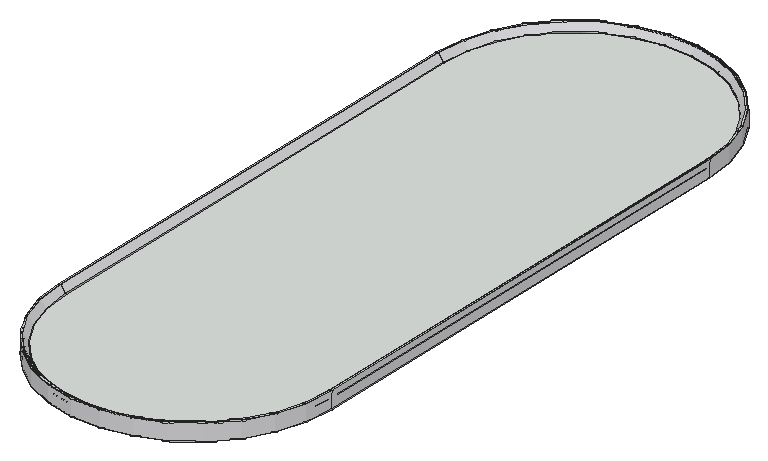
Revit family "Furniture-Mirror-KOHLER-Essential-K-31373_1", category Specialty Equipment, host Face, Revit 2022
Family settings
  Host = Face
  Round Connector Dimension = Use Diameter
  Part Type = Normal
  OmniClass Number = 23.21.37.13.15
  OmniClass Title = Mirrors
  Cut with Voids When Loaded = No
  Maintain Annotation Orientation = No
  Shared = No
  Room Calculation Point = No
Parameters (values of type "CPL-Polished Chrome")
  Width = 1.37795"  # constant formula
  WaterSense Certified = 1 = 0  # no
  URL = "http://www.us.kohler.com/us/"
  Type = 1
  Product Page URL = "http://www.us.kohler.com/us/catalog/productDetails.jsp?productId=31373"
  Product Name = "Essential"  # constant formula
  Product Documentation Link = "https://www.us.kohler.com/webassets/kpna/catalog/pdf/en/K-31373_spec_US-CA_Kohler_en.pdf"
  Model = if(Type = 1, "K-31373-CPL", if(Type = 2, "K-31373-BNL", if(Type = 3, "K-31373-BLL", if(Type = 4, "K-31373-BGL", "NA"))))  # "K-31373-CPL"
  Material = "Premium Metal Construction"  # constant formula
  Master Format 2014 Name = "Cabinet and Drawer Hardware"  # constant formula
  Master Format 2014 = "06 41 93"  # constant formula
  Manufacturer Address = "444 Highland Dr, Kohler, WI 53044"  # constant formula
  Manufacturer = "Kohler Co."  # constant formula
  Length = 22"  # constant formula
  Height = 60"  # constant formula
  Finish = KOHLER-Metal-CPL-Polished_Chrome
  Environmental Product Declaration = ""
  Description = "Capsule 22Inch X 60Inch"  # constant formula
  Default Elevation = 60"
  Declare Label = ""
  Date Modified = "07/04/2022"  # constant formula
  Date Created = "07/04/2022"  # constant formula
  Copyright = "Copyright Kohler Co."  # constant formula
  Contact Us = "https://www.us.kohler.com/us/static/contact.jsp"
  Assembly Code = "E20"
  ADA Compliant = 1 = 0  # no
Types (5): name | Type | Model | Finish
  (no name) | 1 | "K-31373-CPL" | KOHLER-Metal-CPL-Polished_Chrome
  CPL-Polished Chrome | 1 | "K-31373-CPL" | KOHLER-Metal-CPL-Polished_Chrome
  BNL-Brushed Nickel | 2 | "K-31373-BNL" | KOHLER-Metal-BNL-Brushed_Nickel
  BLL-Matte Black | 3 | "K-31373-BLL" | KOHLER-Metal-BLL-Matte_Black
  BGL-Moderne Brushed Gold | 4 | "K-31373-BGL" | KOHLER-Metal-BGL-Moderne_Brushed_Gold
Reference planes (in)
  plane 1 "Center (Front/Back)": y = 0
  plane 2: z = 0
  plane 3 "Center (Left/Right)": x = 0
  plane 4: z = 1.37795
  plane 5: x = 11
  plane 6: x = -11
  plane 7: y = 30
  plane 8: y = -30
  plane 9: y = 19.15354
  plane 10: y = 15.61024
  plane 11: x = -6.10236
  plane 12: x = 6.10236
  plane 13: y = 10.03937
  plane 14: y = -10.03937
  plane 15: x = 4.11024
Dimensions and locks (in)
  "Length": plane 6 to plane 5
  "Height": plane 8 to plane 7
  "Width": level to plane 4
  level to plane 4 = 1.37795"
  plane 4 to level = 1.37795"
  plane 8 to plane 7 = 60"
  plane 6 to plane 5 = 22"
  aligned and locked: plane 2 to host face
  aligned and locked: level to host face
  aligned and locked: plane 3 "Center (Left/Right)" to nested 1
  aligned and locked: plane 1 "Center (Front/Back)" to nested 1
  aligned and locked: nested 1 to plane 7
Automatic sketch dimensions
  host sketch curve to host sketch curve = 96"  (x2)
Nested families (in)
  nested 1: "K-31373" at (0, 0, 0), type "K-31373"
Definition of nested family "K-31373"
  Parameters
    Material = none
    Default Elevation = 0"
  Reference planes (in)
    plane 1 "Center (Front/Back)": y = 0
    plane 2: z = 0
    plane 3 "Center (Left/Right)": x = 0
    plane 4: x = -11
    plane 5: x = 11
    plane 6: z = 1.37795
    plane 7: y = 30
    plane 8: y = -30
  Forms (in)
    Sweep 1, solid, material <- "Material", detail levels medium+fine
      path origin (0, 0, 0) x (1, 0, 0) y (0, 1, 0)
        loop
          line (-11, 19) -> (-11, -19)
          arc (-11, -19) -> (0, -30) -> (11, -19) r 11
          line (11, -19) -> (11, 19)
          arc (11, 19) -> (0, 30) -> (-11, 19) r 11
      profile origin (0, 30, 0) x (0, -1, 0) y (0, 0, 1)
        loop
          line (0, 1.35827) -> (0, 0.05909)
          arc (0, 0.05909) -> (0.00578, 0.04515) -> (0.01972, 0.03937) r 0.01972
          line (0.01972, 0.03937) -> (0.99679, 0.03937) -> (0.99679, 0.59055) -> (0.20939, 0.59055) -> (0.20939, 0.7874) -> (0.52862, 0.7874)
          arc (0.52862, 0.7874) -> (0.54663, 0.79833) -> (0.54525, 0.81936) r 0.02031
          line (0.54525, 0.81936) -> (0.15972, 1.36332)
          arc (0.15972, 1.36332) -> (0.14735, 1.37408) -> (0.13141, 1.37795) r 0.0347
          line (0.13141, 1.37795) -> (0.01969, 1.37795)
          arc (0.01969, 1.37795) -> (0.00577, 1.37219) -> (0, 1.35827) r 0.01969
    Sweep 2, solid, detail levels medium+fine
      path origin (0, 0, 0) x (1, 0, 0) y (0, 1, 0)
        loop
          line (-11, 19) -> (-11, -19)
          arc (-11, -19) -> (0, -30) -> (11, -19) r 11
          line (11, -19) -> (11, 19)
          arc (11, 19) -> (0, 30) -> (-11, 19) r 11
      profile origin (0, 30, 0) x (0, -1, 0) y (0, 0, 1)
        loop
          line (0.28096, 0.74802) -> (0.28096, 0.62992) -> (0.32033, 0.59055) -> (0.99679, 0.59055) -> (0.99679, 0.78739) -> (0.32033, 0.78739) -> (0.28096, 0.74802)
    Extrusion 3, solid, material <- "Material", detail levels medium+fine
      sketch origin (0, 0, 0) x (1, 0, 0) y (0, 1, 0)
        loop
          arc (-10.00321, -19) -> (0, -29.00321) -> (10.00321, -19) r 10.00321
          line (10.00321, -19) -> (10.00321, 19)
          arc (10.00321, 19) -> (0, 29.00321) -> (-10.00321, 19) r 10.00321
          line (-10.00321, 19) -> (-10.00321, -19)
      from 0.03937 to 0.59055
    Extrusion 4, solid, detail levels medium+fine
      sketch origin (0, 0, 0) x (1, 0, 0) y (0, 1, 0)
        loop
          arc (-10.00321, -19) -> (0, -29.00321) -> (10.00321, -19) r 10.00321
          line (10.00321, -19) -> (10.00321, 19)
          arc (10.00321, 19) -> (0, 29.00321) -> (-10.00321, 19) r 10.00321
          line (-10.00321, 19) -> (-10.00321, -19)
      from 0.59055 to 0.78739
    Extrusion 5, solid, material <- "Material", detail levels medium+fine
      sketch origin (0, 0, 0) x (1, 0, 0) y (0, 1, 0)
        loop
          line (5.90551, 19.09449) -> (-5.90551, 19.09449) -> (-5.90551, 17.51969)
          arc (-5.90551, 17.51969) -> (-5.7902, 17.2413) -> (-5.51181, 17.12598) r 0.3937
          line (-5.51181, 17.12598) -> (-5.28119, 17.12598)
          arc (-5.28119, 17.12598) -> (-5.13052, 17.15595) -> (-5.0028, 17.2413) r 0.3937
          line (-5.0028, 17.2413) -> (-4.83972, 17.40437)
          arc (-4.83972, 17.40437) -> (-4.75438, 17.5321) -> (-4.72441, 17.68276) r 0.3937
          line (-4.72441, 17.68276) -> (-4.72441, 17.91339) -> (-3.93701, 17.91339) -> (-3.93701, 17.4252) -> (3.93701, 17.4252) -> (3.93701, 17.91339) -> (4.72441, 17.91339) -> (4.72441, 17.68276)
          arc (4.72441, 17.68276) -> (4.75438, 17.5321) -> (4.83972, 17.40437) r 0.3937
          line (4.83972, 17.40437) -> (5.0028, 17.2413)
          arc (5.0028, 17.2413) -> (5.13052, 17.15595) -> (5.28119, 17.12598) r 0.3937
          line (5.28119, 17.12598) -> (5.51181, 17.12598)
          arc (5.51181, 17.12598) -> (5.7902, 17.2413) -> (5.90551, 17.51969) r 0.3937
          line (5.90551, 17.51969) -> (5.90551, 19.09449)
        loop
          line (-4.06299, 9.84252) -> (-4.06299, -9.84252) -> (-2.48819, -9.84252)
          arc (-2.48819, -9.84252) -> (-2.2098, -9.72721) -> (-2.09449, -9.44882) r 0.3937
          line (-2.09449, -9.44882) -> (-2.09449, -9.21819)
          arc (-2.09449, -9.21819) -> (-2.12446, -9.06753) -> (-2.2098, -8.93981) r 0.3937
          line (-2.2098, -8.93981) -> (-2.37288, -8.77673)
          arc (-2.37288, -8.77673) -> (-2.5006, -8.69139) -> (-2.65127, -8.66142) r 0.3937
          line (-2.65127, -8.66142) -> (-2.88189, -8.66142) -> (-2.88189, -7.87402) -> (-2.3937, -7.87402) -> (-2.3937, 7.87402) -> (-2.88189, 7.87402) -> (-2.88189, 8.66142) -> (-2.65127, 8.66142)
          arc (-2.65127, 8.66142) -> (-2.5006, 8.69139) -> (-2.37288, 8.77673) r 0.3937
          line (-2.37288, 8.77673) -> (-2.2098, 8.93981)
          arc (-2.2098, 8.93981) -> (-2.12446, 9.06753) -> (-2.09449, 9.21819) r 0.3937
          line (-2.09449, 9.21819) -> (-2.09449, 9.44882)
          arc (-2.09449, 9.44882) -> (-2.2098, 9.72721) -> (-2.48819, 9.84252) r 0.3937
          line (-2.48819, 9.84252) -> (-4.06299, 9.84252)
        loop
          circle (-3.14961, 17.61024) r 0.07874
        loop
          circle (0, 17.61024) r 0.07874
        loop
          circle (3.14961, 17.61024) r 0.07874
        loop
          circle (-2.57874, 7.08661) r 0.07874
        loop
          circle (-2.57874, 0) r 0.07874
        loop
          circle (-2.57874, -7.08661) r 0.07874
      from 0 to 0.03937
    Sweep 6, solid, material <- "Material", detail levels coarse
      path origin (0, 0, 0) x (1, 0, 0) y (0, 1, 0)
        loop
          arc (11, 19) -> (0, 30) -> (-11, 19) r 11
          line (-11, 19) -> (-11, -19)
          arc (-11, -19) -> (0, -30) -> (11, -19) r 11
          line (11, -19) -> (11, 19)
      profile origin (0, 30, 0) x (0, -1, 0) y (0, 0, 1)
        loop
          line (0, 1.37795) -> (0, 0) -> (1.58728, 0) -> (1.58728, 0.59055) -> (0.20933, 0.59055) -> (0.20933, 0.78739) -> (0.57849, 0.78739) -> (0.16497, 1.37795) -> (0, 1.37795)
    Extrusion 7, solid, material <- "Material", detail levels coarse
      sketch origin (0, 0, 0) x (1, 0, 0) y (0, 1, 0)
        loop
          arc (-9.41272, -19) -> (0, -28.41272) -> (9.41272, -19) r 9.41272
          line (9.41272, -19) -> (9.41272, 19)
          arc (9.41272, 19) -> (0, 28.41272) -> (-9.41272, 19) r 9.41272
          line (-9.41272, 19) -> (-9.41272, -19)
      from 0 to 0.59055
    Extrusion 8, solid, detail levels coarse
      sketch origin (0, 0, 0) x (1, 0, 0) y (0, 1, 0)
        loop
          arc (-10.71904, -19) -> (0, -29.71904) -> (10.71904, -19) r 10.71904
          line (10.71904, -19) -> (10.71904, 19)
          arc (10.71904, 19) -> (0, 29.71904) -> (-10.71904, 19) r 10.71904
          line (-10.71904, 19) -> (-10.71904, -19)
      from 0.59055 to 0.78739
  Cuts and joins
    joined: Sweep 1, Extrusion 3, Extrusion 5
    joined: Sweep 2, Extrusion 4
    joined: Sweep 6, Extrusion 7
  Lines and regions (in)
    Masking region 1
      outline origin (0, 0, 0) x (0, 1, 0) y (0, 0, 1)
        loop
          line (29.98028, 1.37795) -> (-29.98028, 1.37795)
          arc (-29.98028, 1.37795) -> (-29.99422, 1.37218) -> (-30, 1.35823) r 0.01972
          line (-30, 1.35823) -> (-30, 0.05906)
          arc (-30, 0.05906) -> (-29.99423, 0.04514) -> (-29.98031, 0.03937) r 0.01969
          line (-29.98031, 0.03937) -> (-19.09449, 0.03937) -> (-19.09449, 0) -> (-17.12598, 0) -> (-17.12598, 0.03937) -> (-9.84252, 0.03937) -> (-9.84252, 0) -> (9.84252, 0) -> (9.84252, 0.03937) -> (17.12598, 0.03937) -> (17.12598, 0) -> (19.09449, 0) -> (19.09449, 0.03937) -> (29.98031, 0.03937)
          arc (29.98031, 0.03937) -> (29.99423, 0.04514) -> (30, 0.05906) r 0.01969
          line (30, 0.05906) -> (30, 1.35823)
          arc (30, 1.35823) -> (29.99422, 1.37218) -> (29.98028, 1.37795) r 0.01972
    Masking region 2
      outline origin (0, 0, 0) x (1, 0, 0) y (0, 0, 1)
        loop
          line (10.98028, 1.37795) -> (-10.98028, 1.37795)
          arc (-10.98028, 1.37795) -> (-10.99422, 1.37218) -> (-11, 1.35823) r 0.01972
          line (-11, 1.35823) -> (-11, 0.05906)
          arc (-11, 0.05906) -> (-10.99423, 0.04514) -> (-10.98031, 0.03937) r 0.01969
          line (-10.98031, 0.03937) -> (-5.90551, 0.03937) -> (-5.90551, 0) -> (5.90551, 0) -> (5.90551, 0.03937) -> (10.98031, 0.03937)
          arc (10.98031, 0.03937) -> (10.99423, 0.04514) -> (11, 0.05906) r 0.01969
          line (11, 0.05906) -> (11, 1.35823)
          arc (11, 1.35823) -> (10.99422, 1.37218) -> (10.98028, 1.37795) r 0.01972
    Masking region 3
      outline origin (0, 0, 0) x (1, 0, 0) y (0, 1, 0)
        loop
          line (-11, 19) -> (-11, -19)
          arc (-11, -19) -> (0, -30) -> (11, -19) r 11
          line (11, -19) -> (11, 19)
          arc (11, 19) -> (0, 30) -> (-11, 19) r 11
    symbolic lines, detail levels medium+fine
      curve 1: line (0, 19.09449, 0.03937) -> (0, 17.12598, 0.03937)
      curve 2: line (0, 9.84252, 0.03937) -> (0, -9.84252, 0.03937)
      curve 3: line (0, -19.09449, 0.03937) -> (0, -17.12598, 0.03937)
      curve 4: line (5.90551, 0, 0.03937) -> (-5.90551, 0, 0.03937)
      curve 5: arc (10.84252, 19, 0) -> (0, 29.84252, 0) -> (-10.84252, 19, 0) r 10.84252
      curve 6: line (-10.84252, 19, 0) -> (-10.84252, -19, 0)
      curve 7: arc (10.44882, 19, 0) -> (0, 29.44882, 0) -> (-10.44882, 19, 0) r 10.44882
      curve 8: line (-10.44882, 19, 0) -> (-10.44882, -19, 0)
      curve 9: arc (10.84252, -19, 0) -> (0, -29.84252, 0) -> (-10.84252, -19, 0) r 10.84252
      curve 10: arc (10.44882, -19, 0) -> (0, -29.44882, 0) -> (-10.44882, -19, 0) r 10.44882
      curve 11: line (10.84252, 19, 0) -> (10.84252, -19, 0)
      curve 12: line (10.44882, 19, 0) -> (10.44882, -19, 0)
  Dimensions and locks (in)
    plane 8 to plane 7 = 60"
    plane 4 to plane 5 = 22"
    plane 5 to plane 4 = 22"  (x2)
    plane 6 to level = 1.37795"  (x2)
    plane 7 to plane 8 = 60"
    level to plane 6 = 1.37795"
    aligned and locked: plane 2 to level
